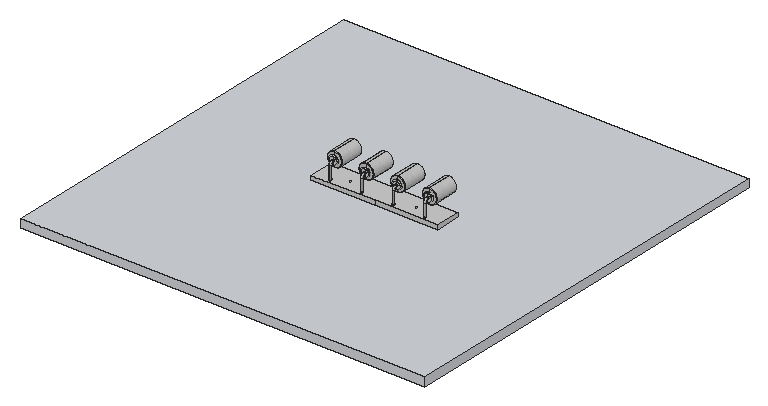
Revit family "P300330-009", category Lighting Fixtures, host Face, Revit 2017
Family settings
  Host = Face
  Round Connector Dimension = Use Diameter
  Part Type = Normal
  OmniClass Number = 23.80.70.11.14.17
  OmniClass Title = Direct/Indirect
  Cut with Voids When Loaded = No
  Light Source = No
  Shared = Yes
  Room Calculation Point = No
Parameters (values of type "P300328-009")
  Watts = 100 W
  Wattage Comments = "100W"
  Warranty = "1 year Warranty"  # constant formula
  Voltage = 120 V
  URL = "https://www.hubbell.com/progresslighting/en"
  Product Link = "https://www.hubbell.com/progresslighting/en/Products/Lighting-Controls/Residential-Indoor-Lighting/Bath-Vanity/Merry-Collection-Four-Light-Brushed-Nickel-and-Etched-Glass-Transitional-Style-Bath-Vanity-Wall-Light/p/6419002"
  Product Documentation Link = "https://hubbellcdn.com/specsheet/PROG_P300330-009_spec.pdf"
  Power Factor = 1
  Model = "P300330-009"  # constant formula
  Manufacturer = "Progress Lighting"  # constant formula
  Load Classification = Lighting
  Glass = Paint - Hubbell - White Texture
  Lamp = "LED/CFL/incandescent"  # constant formula
  Housing Material = Paint - Hubbell - Metallic Silver Textured
  Features = "Incorporate a clean, contemporary design with the Merry Collection 4-Light Etched Glass Brushed Nickel Transitional Bath Vanity Light. Light sources glow from within crisp etched glass shades for a generous elegant glow sure to transform any bath into a modern retreat. The rectangular backplate, curved arms, and round light bases are coated in a beautiful brushed nickel finish that perfectly blends transitional and modern character.\r\nApplication: Ideal for any bathroom.\r\nStyle: Perfect for modern and transitional style settings.\r\nFinish: The rectangular backplate, curved arms, and round light bases are coated in a beautiful brushed nickel finish that perfectly blends transitional and modern character.\r\nMaterials: Constructed from steel to ensure a long product lifespan.\r\nGlass: Light sources glow from within crisp etched glass shades for a generous elegant glow sure to transform any bath into a modern retreat.\r\nBulbs: For ideal illumination, use 4 medium base bulbs that are sold separately (100w max - LED/CFL/incandescent). Compatible with dimmable bulbs.\r\nDimensions: Measures 30-inch length by 8.25-inch height by 5.75-inch depth (installed).\r\nCertifications: cULus damp location listed.\r\nPairs With: Pairs with Progress Lighting fixtures from the Tobin, Etched Glass Flush, and Dome Glass collections.\r\nWarranty: Our 1-Year Limited Warranty guarantees your complete satisfaction with your purchase and includes professional after-sales customer service support. Make your purchase today to breathe new life into your lighting design!"  # constant formula
  Description = "Merry Collection Four-Light Brushed Nickel and Etched Glass Transitional Style Bath Vanity Wall Light"  # constant formula
  Default Elevation = 48.00"
  Copyright = " ©2021 Progress Lighting, a division of Hubbell Lighting, Inc"  # constant formula
  Contact = "https://www.hubbell.com/progresslighting/en/contactUs"
  Connector Description = "Lighting Connector"  # constant formula
  Assembly Code = "D5020200"
  Apparent Load = Watts / Power Factor  # 100 VA
Reference planes (in)
  plane 1 "Center (Front/Back)": y = 0
  plane 2: z = 0
  plane 3 "Center (Left/Right)": x = 0
  plane 4: z = 10.50759
  plane 5: z = 6.0561
  plane 6: x = -15
  plane 7: x = 15
Forms (in)
  Extrusion 1, solid
    sketch origin (0, 0, 0) x (1, 0, 0) y (0, 1, 0)
      loop
        line (-48, 48) -> (-48, -48) -> (48, -48) -> (48, 48) -> (-48, 48)
    from 0 to -2
  Extrusion 2, solid, material "Paint - Hubbell - Metallic Silver Textured" <- "Housing Material"
    sketch origin (0, -0.09375, 0) x (0, -1, 0) y (1, 0, 0)
      loop
        circle (0.07813, -7.91937) r 0.1
      loop
        circle (0.07812, 7.66937) r 0.1
    from 0.9423 to 1.04386
  Extrusion 3, solid, material "Paint - Hubbell - Metallic Silver Textured" <- "Housing Material"
    sketch origin (0, 0, 0) x (1, 0, 0) y (0, 1, 0)
      loop
        line (0, 3.04197) -> (-15, 3.04197) -> (-15, -2.95803) -> (0, -2.95803) -> (15, -2.95803) -> (15, 3.04197) -> (0, 3.04197)
    from 0 to 0.9423
  Revolve 4, solid, material "Paint - Hubbell - Metallic Silver Textured" <- "Housing Material"
    sketch origin (-3.75, -1.25, -1.125) x (0, -1, 0) y (0, 0, -1)
      loop
        line (-0.39703, -5.74607) -> (-0.66504, -5.74607) -> (-0.66504, -6.82752) -> (-0.26213, -6.82752)
        arc (-0.26213, -6.82752) -> (-0.19142, -6.79823) -> (-0.16213, -6.72752) r 0.1
        line (-0.16213, -6.72752) -> (-0.16213, -5.99092) -> (-0.05542, -5.99092) -> (-0.05542, -5.74607) -> (-0.16213, -5.74607) -> (-0.39703, -5.74607)
      axis (-0.05542, -5.74607) -> (-0.66504, -5.74607)
    angle from 0 to 360
  Revolve 5, solid, material "Paint - Hubbell - White Texture" <- "Glass"
    sketch origin (-3.78125, -5.21875, -2.0625) x (0, -1, 0) y (0, 0, -1)
      loop
        line (-4.59719, -6.69919) -> (-7.99875, -6.69919) -> (-7.99875, -7.33909)
        arc (-7.99875, -7.33909) -> (-7.93579, -7.50497) -> (-7.77863, -7.5873) r 0.25
        line (-7.77863, -7.5873) -> (-5.68396, -7.36454)
        arc (-5.68396, -7.36454) -> (-5.44868, -7.30814) -> (-5.20749, -7.28919) r 1.54416
        line (-5.20749, -7.28919) -> (-4.59719, -7.28919) -> (-4.59719, -6.69919)
      axis (-4.59719, -6.69919) -> (-7.99875, -6.69919)
    angle from 0 to 360
  Revolve 6, solid, material "Paint - Hubbell - White Texture" <- "Glass"
    sketch origin (-3.72515, -8.05913, 4.60947) x (0, 0, 1) y (0, 1, 0)
      loop
        line (0, 7.43773) -> (0, 10.56087) -> (0, 10.66244) -> (-0.11058, 10.66244)
        arc (-0.11058, 10.66244) -> (-0.13207, 10.62395) -> (-0.10174, 10.59197) r 0.0372
        arc (-0.10174, 10.59197) -> (-0.07712, 10.57767) -> (-0.0674, 10.55091) r 0.04171
        line (-0.0674, 10.55091) -> (-0.0674, 10.36451) -> (-0.0674, 8.11451) -> (-0.3174, 8.11451) -> (-0.3174, 7.86451) -> (-0.14062, 7.68773) -> (-0.14062, 7.43773) -> (0, 7.43773)
      axis (0, 7.43773) -> (0, 10.66244)
    angle from 0 to 360
  Revolve 7, solid, material "Paint- Wood"
    sketch origin (-3.72515, -8.05913, 4.60947) x (0, 0, 1) y (0, 1, 0)
      loop
        line (-0.47346, 8.28115) -> (-0.61841, 10.35395) -> (-0.66329, 10.35395) -> (-0.51834, 8.28115) -> (-0.47346, 8.28115)
      axis (-0.61862, 10.35707) -> (-0.47346, 8.28115)
    angle from 0 to 360
  Revolve 8, solid, material "Paint- Wood"
    sketch origin (-3.72515, -8.05913, 4.60947) x (0, 0, -1) y (0, -1, 0)
      loop
        line (-0.47346, -8.28115) -> (-0.51834, -8.28115) -> (-0.66723, -10.41041) -> (-0.62235, -10.41041) -> (-0.47346, -8.28115)
      axis (-0.62257, -10.41353) -> (-0.47346, -8.28115)
    angle from 0 to 360
  Revolve 9, solid, material "Paint- Wood"
    sketch origin (-3.72515, -8.05913, 4.60947) x (1, 0, 0) y (0, 1, 0)
      loop
        line (-0.47346, 8.28115) -> (-0.62034, 10.38161) -> (-0.66522, 10.38161) -> (-0.51834, 8.28115) -> (-0.47346, 8.28115)
      axis (-0.62056, 10.38473) -> (-0.47346, 8.28115)
    angle from 0 to 360
  Revolve 10, solid, material "Paint- Wood"
    sketch origin (-3.72515, -8.05913, 4.60947) x (-1, 0, 0) y (0, -1, 0)
      loop
        line (-0.47346, -8.28115) -> (-0.51834, -8.28115) -> (-0.66605, -10.39346) -> (-0.62117, -10.39346) -> (-0.47346, -8.28115)
      axis (-0.62139, -10.39659) -> (-0.47346, -8.28115)
    angle from 0 to 360
  Sweep 11, solid, material "Paint - Hubbell - White Texture" <- "Glass"
    path origin (-3.70952, -8.55913, 4.60853) x (1, 0, 0) y (0, 1, 0)
      loop
        line (0.61067, 10.88516) -> (0.61067, 10.98257)
        arc (0.61067, 10.98257) -> (0.57513, 11.06837) -> (0.48933, 11.10391) r 0.12134
        line (0.48933, 11.10391) -> (0.04812, 11.10391)
    profile origin (-3.09885, 2.37474, 4.60853) x (-1, 0, 0) y (0, 0, 1)
      loop
        circle (0, 0.00095) r 0.031
  Sweep 12, solid, material "Paint - Hubbell - White Texture" <- "Glass"
    path origin (-3.74267, -8.55913, 4.60853) x (-1, 0, 0) y (0, -1, 0)
      loop
        line (0.61067, -10.88516) -> (0.61067, -10.98257)
        arc (0.61067, -10.98257) -> (0.57513, -11.06837) -> (0.48933, -11.10391) r 0.12134
        line (0.48933, -11.10391) -> (0.04812, -11.10391)
    profile origin (-4.35334, 2.37474, 4.60853) x (-1, 0, 0) y (0, 0, 1)
      loop
        circle (0, 0.00095) r 0.031
  Sweep 13, solid, material "Paint - Hubbell - White Texture" <- "Glass"
    path origin (-3.70952, 11.17512, 4.60853) x (1, 0, 0) y (0, 1, 0)
      loop
        line (0.45442, -10.88516) -> (0.45442, -10.98257)
        arc (0.45442, -10.98257) -> (0.41888, -11.06837) -> (0.33308, -11.10391) r 0.12134
        line (0.33308, -11.10391) -> (0.04812, -11.10391)
    profile origin (-3.2551, 0.24126, 4.60853) x (1, 0, 0) y (0, 0, 1)
      loop
        circle (0, 0.00095) r 0.031
  Sweep 14, solid, material "Paint - Hubbell - White Texture" <- "Glass"
    path origin (-3.74267, 11.17512, 4.60853) x (-1, 0, 0) y (0, -1, 0)
      loop
        line (0.45442, 10.88516) -> (0.45442, 10.98257)
        arc (0.45442, 10.98257) -> (0.41888, 11.06837) -> (0.33308, 11.10391) r 0.12134
        line (0.33308, 11.10391) -> (0.04812, 11.10391)
    profile origin (-4.19709, 0.24126, 4.60853) x (1, 0, 0) y (0, 0, 1)
      loop
        circle (0, 0.00095) r 0.031
  Sweep 15, solid, material "Paint - Hubbell - White Texture" <- "Glass"
    path origin (-3.72515, -8.55913, 4.62605) x (0, 0, 1) y (0, 1, 0)
      loop
        line (0.61067, 10.88516) -> (0.61067, 10.98257)
        arc (0.61067, 10.98257) -> (0.57513, 11.06837) -> (0.48933, 11.10391) r 0.12134
        line (0.48933, 11.10391) -> (0.04812, 11.10391)
    profile origin (-3.72515, 2.37474, 5.23672) x (0, 0, -1) y (-1, 0, 0)
      loop
        circle (0, 0.00095) r 0.031
  Sweep 16, solid, material "Paint - Hubbell - White Texture" <- "Glass"
    path origin (-3.72515, -8.55913, 4.5929) x (0, 0, -1) y (0, -1, 0)
      loop
        line (0.61067, -10.88516) -> (0.61067, -10.98257)
        arc (0.61067, -10.98257) -> (0.57513, -11.06837) -> (0.48933, -11.10391) r 0.12134
        line (0.48933, -11.10391) -> (0.04812, -11.10391)
    profile origin (-3.72515, 2.37474, 3.98223) x (0, 0, -1) y (-1, 0, 0)
      loop
        circle (0, 0.00095) r 0.031
  Sweep 17, solid, material "Paint - Hubbell - White Texture" <- "Glass"
    path origin (-3.72515, 11.17512, 4.62605) x (0, 0, 1) y (0, 1, 0)
      loop
        line (0.45442, -10.88516) -> (0.45442, -10.98257)
        arc (0.45442, -10.98257) -> (0.41888, -11.06837) -> (0.33308, -11.10391) r 0.12134
        line (0.33308, -11.10391) -> (0.04812, -11.10391)
    profile origin (-3.72515, 0.24126, 5.08047) x (0, 0, 1) y (-1, 0, 0)
      loop
        circle (0, 0.00095) r 0.031
  Sweep 18, solid, material "Paint - Hubbell - White Texture" <- "Glass"
    path origin (-3.72515, 11.17512, 4.5929) x (0, 0, -1) y (0, -1, 0)
      loop
        line (0.45442, 10.88516) -> (0.45442, 10.98257)
        arc (0.45442, 10.98257) -> (0.41888, 11.06837) -> (0.33308, 11.10391) r 0.12134
        line (0.33308, 11.10391) -> (0.04812, 11.10391)
    profile origin (-3.72515, 0.24126, 4.13848) x (0, 0, 1) y (-1, 0, 0)
      loop
        circle (0, 0.00095) r 0.031
  Revolve 19, solid, material "Paint - Hubbell - White Texture" <- "Glass"
    sketch origin (-3.75, -1.5, -2) x (0, -1, 0) y (0, 0, -1)
      loop
        line (-0.87287, -7.54713) -> (-0.91291, -7.54713) -> (-0.91291, -8.25098)
        arc (-0.91291, -8.25098) -> (-0.94565, -8.33003) -> (-1.02469, -8.36277) r 0.11178
        line (-1.02469, -8.36277) -> (-6.77469, -8.36277) -> (-6.77469, -8.3973) -> (-0.99008, -8.3973)
        arc (-0.99008, -8.3973) -> (-0.9072, -8.36297) -> (-0.87287, -8.28009) r 0.11721
        line (-0.87287, -8.28009) -> (-0.87287, -7.54713)
      axis (-6.77469, -6.60947) -> (-0.87287, -6.60947)
    angle from 0 to 360
  Sweep 20, solid, material "Paint - Hubbell - Metallic Silver Textured" <- "Housing Material"
    path origin (-3.75, -0.8125, 6.11048) x (0, -1, 0) y (0, 0, -1)
      loop
        line (-0.1919, 1.48887) -> (0.7456, 1.48887)
        arc (0.7456, 1.48887) -> (1.09915, 1.63532) -> (1.2456, 1.98887) r 0.5
        line (1.2456, 1.98887) -> (1.2456, 5.16818)
    profile origin (-3.75, -1.08935, 4.62161) x (0, 0, -1) y (1, 0, 0)
      loop
        circle (0, 0) r 0.15
  Revolve 21, solid, material "Paint - Hubbell - Metallic Silver Textured" <- "Housing Material"
    sketch origin (-3.75, -7.77646, 1.96567) x (0, 0, 1) y (0, -1, 0)
      loop
        line (-1.0215, -5.99092) -> (-0.9148, -5.99092) -> (-0.9148, -5.74607) -> (-1.0215, -5.74607) -> (-1.0215, -5.99092)
      axis (-0.9148, -5.74607) -> (-1.0215, -5.74607)
    angle from 0 to 360
  Revolve 22, solid, material "Paint - Hubbell - Metallic Silver Textured" <- "Housing Material"
    sketch origin (3.75, -1.25, -1.125) x (0, -1, 0) y (0, 0, 1)
      loop
        line (-0.39703, 5.74607) -> (-0.16213, 5.74607) -> (-0.05542, 5.74607) -> (-0.05542, 5.99092) -> (-0.16213, 5.99092) -> (-0.16213, 6.72752)
        arc (-0.16213, 6.72752) -> (-0.19142, 6.79823) -> (-0.26213, 6.82752) r 0.1
        line (-0.26213, 6.82752) -> (-0.66504, 6.82752) -> (-0.66504, 5.74607) -> (-0.39703, 5.74607)
      axis (-0.05542, 5.74607) -> (-0.66504, 5.74607)
    angle from 0 to 360
  Revolve 23, solid, material "Paint - Hubbell - White Texture" <- "Glass"
    sketch origin (3.78125, -5.21875, -2.0625) x (0, -1, 0) y (0, 0, 1)
      loop
        line (-4.59719, 6.69919) -> (-4.59719, 7.28919) -> (-5.20749, 7.28919)
        arc (-5.20749, 7.28919) -> (-5.44868, 7.30814) -> (-5.68396, 7.36454) r 1.54416
        line (-5.68396, 7.36454) -> (-7.77863, 7.5873)
        arc (-7.77863, 7.5873) -> (-7.93579, 7.50497) -> (-7.99875, 7.33909) r 0.25
        line (-7.99875, 7.33909) -> (-7.99875, 6.69919) -> (-4.59719, 6.69919)
      axis (-4.59719, 6.69919) -> (-7.99875, 6.69919)
    angle from 0 to 360
  Revolve 24, solid, material "Paint - Hubbell - White Texture" <- "Glass"
    sketch origin (3.72515, -8.05913, 4.60947) x (0, 0, 1) y (0, -1, 0)
      loop
        line (0, -7.43773) -> (-0.14062, -7.43773) -> (-0.14062, -7.68773) -> (-0.3174, -7.86451) -> (-0.3174, -8.11451) -> (-0.0674, -8.11451) -> (-0.0674, -10.36451) -> (-0.0674, -10.55091)
        arc (-0.0674, -10.55091) -> (-0.07712, -10.57767) -> (-0.10174, -10.59197) r 0.04171
        arc (-0.10174, -10.59197) -> (-0.13207, -10.62395) -> (-0.11058, -10.66244) r 0.0372
        line (-0.11058, -10.66244) -> (0, -10.66244) -> (0, -10.56087) -> (0, -7.43773)
      axis (0, -7.43773) -> (0, -10.66244)
    angle from 0 to 360
  Revolve 25, solid, material "Paint- Wood"
    sketch origin (3.72515, -8.05913, 4.60947) x (0, 0, 1) y (0, -1, 0)
      loop
        line (-0.47346, -8.28115) -> (-0.51834, -8.28115) -> (-0.66329, -10.35395) -> (-0.61841, -10.35395) -> (-0.47346, -8.28115)
      axis (-0.61862, -10.35707) -> (-0.47346, -8.28115)
    angle from 0 to 360
  Revolve 26, solid, material "Paint- Wood"
    sketch origin (3.72515, -8.05913, 4.60947) x (0, 0, -1) y (0, 1, 0)
      loop
        line (-0.47346, 8.28115) -> (-0.62235, 10.41041) -> (-0.66723, 10.41041) -> (-0.51834, 8.28115) -> (-0.47346, 8.28115)
      axis (-0.62257, 10.41353) -> (-0.47346, 8.28115)
    angle from 0 to 360
  Revolve 27, solid, material "Paint- Wood"
    sketch origin (3.72515, -8.05913, 4.60947) x (-1, 0, 0) y (0, -1, 0)
      loop
        line (-0.47346, -8.28115) -> (-0.51834, -8.28115) -> (-0.66522, -10.38161) -> (-0.62034, -10.38161) -> (-0.47346, -8.28115)
      axis (-0.62056, -10.38473) -> (-0.47346, -8.28115)
    angle from 0 to 360
  Revolve 28, solid, material "Paint- Wood"
    sketch origin (3.72515, -8.05913, 4.60947) x (1, 0, 0) y (0, 1, 0)
      loop
        line (-0.47346, 8.28115) -> (-0.62117, 10.39346) -> (-0.66605, 10.39346) -> (-0.51834, 8.28115) -> (-0.47346, 8.28115)
      axis (-0.62139, 10.39659) -> (-0.47346, 8.28115)
    angle from 0 to 360
  Sweep 29, solid, material "Paint - Hubbell - White Texture" <- "Glass"
    path origin (3.70952, -8.55913, 4.60853) x (-1, 0, 0) y (0, -1, 0)
      loop
        line (0.61067, -10.88516) -> (0.61067, -10.98257)
        arc (0.61067, -10.98257) -> (0.57513, -11.06837) -> (0.48933, -11.10391) r 0.12134
        line (0.48933, -11.10391) -> (0.04812, -11.10391)
    profile origin (3.09885, 2.37474, 4.60853) x (-1, 0, 0) y (0, 0, 1)
      loop
        circle (0, 0.00095) r 0.031
  Sweep 30, solid, material "Paint - Hubbell - White Texture" <- "Glass"
    path origin (3.74267, -8.55913, 4.60853) x (1, 0, 0) y (0, 1, 0)
      loop
        line (0.61067, 10.88516) -> (0.61067, 10.98257)
        arc (0.61067, 10.98257) -> (0.57513, 11.06837) -> (0.48933, 11.10391) r 0.12134
        line (0.48933, 11.10391) -> (0.04812, 11.10391)
    profile origin (4.35334, 2.37474, 4.60853) x (-1, 0, 0) y (0, 0, 1)
      loop
        circle (0, 0.00095) r 0.031
  Sweep 31, solid, material "Paint - Hubbell - White Texture" <- "Glass"
    path origin (3.70952, 11.17512, 4.60853) x (-1, 0, 0) y (0, -1, 0)
      loop
        line (0.45442, 10.88516) -> (0.45442, 10.98257)
        arc (0.45442, 10.98257) -> (0.41888, 11.06837) -> (0.33308, 11.10391) r 0.12134
        line (0.33308, 11.10391) -> (0.04812, 11.10391)
    profile origin (3.2551, 0.24126, 4.60853) x (1, 0, 0) y (0, 0, 1)
      loop
        circle (0, 0.00095) r 0.031
  Sweep 32, solid, material "Paint - Hubbell - White Texture" <- "Glass"
    path origin (3.74267, 11.17512, 4.60853) x (1, 0, 0) y (0, 1, 0)
      loop
        line (0.45442, -10.88516) -> (0.45442, -10.98257)
        arc (0.45442, -10.98257) -> (0.41888, -11.06837) -> (0.33308, -11.10391) r 0.12134
        line (0.33308, -11.10391) -> (0.04812, -11.10391)
    profile origin (4.19709, 0.24126, 4.60853) x (1, 0, 0) y (0, 0, 1)
      loop
        circle (0, 0.00095) r 0.031
  Sweep 33, solid, material "Paint - Hubbell - White Texture" <- "Glass"
    path origin (3.72515, -8.55913, 4.62605) x (0, 0, 1) y (0, -1, 0)
      loop
        line (0.61067, -10.88516) -> (0.61067, -10.98257)
        arc (0.61067, -10.98257) -> (0.57513, -11.06837) -> (0.48933, -11.10391) r 0.12134
        line (0.48933, -11.10391) -> (0.04812, -11.10391)
    profile origin (3.72515, 2.37474, 5.23672) x (0, 0, 1) y (1, 0, 0)
      loop
        circle (0, 0.00095) r 0.031
  Sweep 34, solid, material "Paint - Hubbell - White Texture" <- "Glass"
    path origin (3.72515, -8.55913, 4.5929) x (0, 0, -1) y (0, 1, 0)
      loop
        line (0.61067, 10.88516) -> (0.61067, 10.98257)
        arc (0.61067, 10.98257) -> (0.57513, 11.06837) -> (0.48933, 11.10391) r 0.12134
        line (0.48933, 11.10391) -> (0.04812, 11.10391)
    profile origin (3.72515, 2.37474, 3.98223) x (0, 0, 1) y (1, 0, 0)
      loop
        circle (0, 0.00095) r 0.031
  Sweep 35, solid, material "Paint - Hubbell - White Texture" <- "Glass"
    path origin (3.72515, 11.17512, 4.62605) x (0, 0, 1) y (0, -1, 0)
      loop
        line (0.45442, 10.88516) -> (0.45442, 10.98257)
        arc (0.45442, 10.98257) -> (0.41888, 11.06837) -> (0.33308, 11.10391) r 0.12134
        line (0.33308, 11.10391) -> (0.04812, 11.10391)
    profile origin (3.72515, 0.24126, 5.08047) x (0, 0, -1) y (1, 0, 0)
      loop
        circle (0, 0.00095) r 0.031
  Sweep 36, solid, material "Paint - Hubbell - White Texture" <- "Glass"
    path origin (3.72515, 11.17512, 4.5929) x (0, 0, -1) y (0, 1, 0)
      loop
        line (0.45442, -10.88516) -> (0.45442, -10.98257)
        arc (0.45442, -10.98257) -> (0.41888, -11.06837) -> (0.33308, -11.10391) r 0.12134
        line (0.33308, -11.10391) -> (0.04812, -11.10391)
    profile origin (3.72515, 0.24126, 4.13848) x (0, 0, -1) y (1, 0, 0)
      loop
        circle (0, 0.00095) r 0.031
  Revolve 37, solid, material "Paint - Hubbell - White Texture" <- "Glass"
    sketch origin (3.75, -1.5, -2) x (0, -1, 0) y (0, 0, 1)
      loop
        line (-0.87287, 7.54713) -> (-0.87287, 8.28009)
        arc (-0.87287, 8.28009) -> (-0.9072, 8.36297) -> (-0.99008, 8.3973) r 0.11721
        line (-0.99008, 8.3973) -> (-6.77469, 8.3973) -> (-6.77469, 8.36277) -> (-1.02469, 8.36277)
        arc (-1.02469, 8.36277) -> (-0.94565, 8.33003) -> (-0.91291, 8.25098) r 0.11178
        line (-0.91291, 8.25098) -> (-0.91291, 7.54713) -> (-0.87287, 7.54713)
      axis (-6.77469, 6.60947) -> (-0.87287, 6.60947)
    angle from 0 to 360
  Sweep 38, solid, material "Paint - Hubbell - Metallic Silver Textured" <- "Housing Material"
    path origin (3.75, -0.8125, 6.11048) x (0, -1, 0) y (0, 0, 1)
      loop
        line (-0.1919, -1.48887) -> (0.7456, -1.48887)
        arc (0.7456, -1.48887) -> (1.09915, -1.63532) -> (1.2456, -1.98887) r 0.5
        line (1.2456, -1.98887) -> (1.2456, -5.16818)
    profile origin (3.75, -1.08935, 4.62161) x (0, 0, 1) y (-1, 0, 0)
      loop
        circle (0, 0) r 0.15
  Revolve 39, solid, material "Paint - Hubbell - Metallic Silver Textured" <- "Housing Material"
    sketch origin (3.75, -7.77646, 1.96567) x (0, 0, 1) y (0, 1, 0)
      loop
        line (-1.0215, 5.99092) -> (-1.0215, 5.74607) -> (-0.9148, 5.74607) -> (-0.9148, 5.99092) -> (-1.0215, 5.99092)
      axis (-0.9148, 5.74607) -> (-1.0215, 5.74607)
    angle from 0 to 360
  Revolve 40, solid, material "Paint - Hubbell - Metallic Silver Textured" <- "Housing Material"
    sketch origin (11.25, -1.25, -1.125) x (0, -1, 0) y (0, 0, 1)
      loop
        line (-0.39703, 5.74607) -> (-0.16213, 5.74607) -> (-0.05542, 5.74607) -> (-0.05542, 5.99092) -> (-0.16213, 5.99092) -> (-0.16213, 6.72752)
        arc (-0.16213, 6.72752) -> (-0.19142, 6.79823) -> (-0.26213, 6.82752) r 0.1
        line (-0.26213, 6.82752) -> (-0.66504, 6.82752) -> (-0.66504, 5.74607) -> (-0.39703, 5.74607)
      axis (-0.05542, 5.74607) -> (-0.66504, 5.74607)
    angle from 0 to 360
  Revolve 41, solid, material "Paint - Hubbell - White Texture" <- "Glass"
    sketch origin (11.28125, -5.21875, -2.0625) x (0, -1, 0) y (0, 0, 1)
      loop
        line (-4.59719, 6.69919) -> (-4.59719, 7.28919) -> (-5.20749, 7.28919)
        arc (-5.20749, 7.28919) -> (-5.44868, 7.30814) -> (-5.68396, 7.36454) r 1.54416
        line (-5.68396, 7.36454) -> (-7.77863, 7.5873)
        arc (-7.77863, 7.5873) -> (-7.93579, 7.50497) -> (-7.99875, 7.33909) r 0.25
        line (-7.99875, 7.33909) -> (-7.99875, 6.69919) -> (-4.59719, 6.69919)
      axis (-4.59719, 6.69919) -> (-7.99875, 6.69919)
    angle from 0 to 360
  Revolve 42, solid, material "Paint - Hubbell - White Texture" <- "Glass"
    sketch origin (11.22515, -8.05913, 4.60947) x (0, 0, 1) y (0, -1, 0)
      loop
        line (0, -7.43773) -> (-0.14062, -7.43773) -> (-0.14062, -7.68773) -> (-0.3174, -7.86451) -> (-0.3174, -8.11451) -> (-0.0674, -8.11451) -> (-0.0674, -10.36451) -> (-0.0674, -10.55091)
        arc (-0.0674, -10.55091) -> (-0.07712, -10.57767) -> (-0.10174, -10.59197) r 0.04171
        arc (-0.10174, -10.59197) -> (-0.13207, -10.62395) -> (-0.11058, -10.66244) r 0.0372
        line (-0.11058, -10.66244) -> (0, -10.66244) -> (0, -10.56087) -> (0, -7.43773)
      axis (0, -7.43773) -> (0, -10.66244)
    angle from 0 to 360
  Revolve 43, solid, material "Paint- Wood"
    sketch origin (11.22515, -8.05913, 4.60947) x (0, 0, 1) y (0, -1, 0)
      loop
        line (-0.47346, -8.28115) -> (-0.51834, -8.28115) -> (-0.66329, -10.35395) -> (-0.61841, -10.35395) -> (-0.47346, -8.28115)
      axis (-0.61862, -10.35707) -> (-0.47346, -8.28115)
    angle from 0 to 360
  Revolve 44, solid, material "Paint- Wood"
    sketch origin (11.22515, -8.05913, 4.60947) x (0, 0, -1) y (0, 1, 0)
      loop
        line (-0.47346, 8.28115) -> (-0.62235, 10.41041) -> (-0.66723, 10.41041) -> (-0.51834, 8.28115) -> (-0.47346, 8.28115)
      axis (-0.62257, 10.41353) -> (-0.47346, 8.28115)
    angle from 0 to 360
  Revolve 45, solid, material "Paint- Wood"
    sketch origin (11.22515, -8.05913, 4.60947) x (-1, 0, 0) y (0, -1, 0)
      loop
        line (-0.47346, -8.28115) -> (-0.51834, -8.28115) -> (-0.66522, -10.38161) -> (-0.62034, -10.38161) -> (-0.47346, -8.28115)
      axis (-0.62056, -10.38473) -> (-0.47346, -8.28115)
    angle from 0 to 360
  Revolve 46, solid, material "Paint- Wood"
    sketch origin (11.22515, -8.05913, 4.60947) x (1, 0, 0) y (0, 1, 0)
      loop
        line (-0.47346, 8.28115) -> (-0.62117, 10.39346) -> (-0.66605, 10.39346) -> (-0.51834, 8.28115) -> (-0.47346, 8.28115)
      axis (-0.62139, 10.39659) -> (-0.47346, 8.28115)
    angle from 0 to 360
  Sweep 47, solid, material "Paint - Hubbell - White Texture" <- "Glass"
    path origin (11.20952, -8.55913, 4.60853) x (-1, 0, 0) y (0, -1, 0)
      loop
        line (0.61067, -10.88516) -> (0.61067, -10.98257)
        arc (0.61067, -10.98257) -> (0.57513, -11.06837) -> (0.48933, -11.10391) r 0.12134
        line (0.48933, -11.10391) -> (0.04812, -11.10391)
    profile origin (10.59885, 2.37474, 4.60853) x (-1, 0, 0) y (0, 0, 1)
      loop
        circle (0, 0.00095) r 0.031
  Sweep 48, solid, material "Paint - Hubbell - White Texture" <- "Glass"
    path origin (11.24267, -8.55913, 4.60853) x (1, 0, 0) y (0, 1, 0)
      loop
        line (0.61067, 10.88516) -> (0.61067, 10.98257)
        arc (0.61067, 10.98257) -> (0.57513, 11.06837) -> (0.48933, 11.10391) r 0.12134
        line (0.48933, 11.10391) -> (0.04812, 11.10391)
    profile origin (11.85334, 2.37474, 4.60853) x (-1, 0, 0) y (0, 0, 1)
      loop
        circle (0, 0.00095) r 0.031
  Sweep 49, solid, material "Paint - Hubbell - White Texture" <- "Glass"
    path origin (11.20952, 11.17512, 4.60853) x (-1, 0, 0) y (0, -1, 0)
      loop
        line (0.45442, 10.88516) -> (0.45442, 10.98257)
        arc (0.45442, 10.98257) -> (0.41888, 11.06837) -> (0.33308, 11.10391) r 0.12134
        line (0.33308, 11.10391) -> (0.04812, 11.10391)
    profile origin (10.7551, 0.24126, 4.60853) x (1, 0, 0) y (0, 0, 1)
      loop
        circle (0, 0.00095) r 0.031
  Sweep 50, solid, material "Paint - Hubbell - White Texture" <- "Glass"
    path origin (11.24267, 11.17512, 4.60853) x (1, 0, 0) y (0, 1, 0)
      loop
        line (0.45442, -10.88516) -> (0.45442, -10.98257)
        arc (0.45442, -10.98257) -> (0.41888, -11.06837) -> (0.33308, -11.10391) r 0.12134
        line (0.33308, -11.10391) -> (0.04812, -11.10391)
    profile origin (11.69709, 0.24126, 4.60853) x (1, 0, 0) y (0, 0, 1)
      loop
        circle (0, 0.00095) r 0.031
  Sweep 51, solid, material "Paint - Hubbell - White Texture" <- "Glass"
    path origin (11.22515, -8.55913, 4.62605) x (0, 0, 1) y (0, -1, 0)
      loop
        line (0.61067, -10.88516) -> (0.61067, -10.98257)
        arc (0.61067, -10.98257) -> (0.57513, -11.06837) -> (0.48933, -11.10391) r 0.12134
        line (0.48933, -11.10391) -> (0.04812, -11.10391)
    profile origin (11.22515, 2.37474, 5.23672) x (0, 0, 1) y (1, 0, 0)
      loop
        circle (0, 0.00095) r 0.031
  Sweep 52, solid, material "Paint - Hubbell - White Texture" <- "Glass"
    path origin (11.22515, -8.55913, 4.5929) x (0, 0, -1) y (0, 1, 0)
      loop
        line (0.61067, 10.88516) -> (0.61067, 10.98257)
        arc (0.61067, 10.98257) -> (0.57513, 11.06837) -> (0.48933, 11.10391) r 0.12134
        line (0.48933, 11.10391) -> (0.04812, 11.10391)
    profile origin (11.22515, 2.37474, 3.98223) x (0, 0, 1) y (1, 0, 0)
      loop
        circle (0, 0.00095) r 0.031
  Sweep 53, solid, material "Paint - Hubbell - White Texture" <- "Glass"
    path origin (11.22515, 11.17512, 4.62605) x (0, 0, 1) y (0, -1, 0)
      loop
        line (0.45442, 10.88516) -> (0.45442, 10.98257)
        arc (0.45442, 10.98257) -> (0.41888, 11.06837) -> (0.33308, 11.10391) r 0.12134
        line (0.33308, 11.10391) -> (0.04812, 11.10391)
    profile origin (11.22515, 0.24126, 5.08047) x (0, 0, -1) y (1, 0, 0)
      loop
        circle (0, 0.00095) r 0.031
  Sweep 54, solid, material "Paint - Hubbell - White Texture" <- "Glass"
    path origin (11.22515, 11.17512, 4.5929) x (0, 0, -1) y (0, 1, 0)
      loop
        line (0.45442, -10.88516) -> (0.45442, -10.98257)
        arc (0.45442, -10.98257) -> (0.41888, -11.06837) -> (0.33308, -11.10391) r 0.12134
        line (0.33308, -11.10391) -> (0.04812, -11.10391)
    profile origin (11.22515, 0.24126, 4.13848) x (0, 0, -1) y (1, 0, 0)
      loop
        circle (0, 0.00095) r 0.031
  Revolve 55, solid, material "Paint - Hubbell - White Texture" <- "Glass"
    sketch origin (11.25, -1.5, -2) x (0, -1, 0) y (0, 0, 1)
      loop
        line (-0.87287, 7.54713) -> (-0.87287, 8.28009)
        arc (-0.87287, 8.28009) -> (-0.9072, 8.36297) -> (-0.99008, 8.3973) r 0.11721
        line (-0.99008, 8.3973) -> (-6.77469, 8.3973) -> (-6.77469, 8.36277) -> (-1.02469, 8.36277)
        arc (-1.02469, 8.36277) -> (-0.94565, 8.33003) -> (-0.91291, 8.25098) r 0.11178
        line (-0.91291, 8.25098) -> (-0.91291, 7.54713) -> (-0.87287, 7.54713)
      axis (-6.77469, 6.60947) -> (-0.87287, 6.60947)
    angle from 0 to 360
  Sweep 56, solid, material "Paint - Hubbell - Metallic Silver Textured" <- "Housing Material"
    path origin (11.25, -0.8125, 6.11048) x (0, -1, 0) y (0, 0, 1)
      loop
        line (-0.1919, -1.48887) -> (0.7456, -1.48887)
        arc (0.7456, -1.48887) -> (1.09915, -1.63532) -> (1.2456, -1.98887) r 0.5
        line (1.2456, -1.98887) -> (1.2456, -5.16818)
    profile origin (11.25, -1.08935, 4.62161) x (0, 0, 1) y (-1, 0, 0)
      loop
        circle (0, 0) r 0.15
  Revolve 57, solid, material "Paint - Hubbell - Metallic Silver Textured" <- "Housing Material"
    sketch origin (11.25, -7.77646, 1.96567) x (0, 0, 1) y (0, 1, 0)
      loop
        line (-1.0215, 5.99092) -> (-1.0215, 5.74607) -> (-0.9148, 5.74607) -> (-0.9148, 5.99092) -> (-1.0215, 5.99092)
      axis (-0.9148, 5.74607) -> (-1.0215, 5.74607)
    angle from 0 to 360
  Revolve 58, solid, material "Paint - Hubbell - Metallic Silver Textured" <- "Housing Material"
    sketch origin (-11.25, -1.25, -1.125) x (0, -1, 0) y (0, 0, -1)
      loop
        line (-0.39703, -5.74607) -> (-0.66504, -5.74607) -> (-0.66504, -6.82752) -> (-0.26213, -6.82752)
        arc (-0.26213, -6.82752) -> (-0.19142, -6.79823) -> (-0.16213, -6.72752) r 0.1
        line (-0.16213, -6.72752) -> (-0.16213, -5.99092) -> (-0.05542, -5.99092) -> (-0.05542, -5.74607) -> (-0.16213, -5.74607) -> (-0.39703, -5.74607)
      axis (-0.05542, -5.74607) -> (-0.66504, -5.74607)
    angle from 0 to 360
  Revolve 59, solid, material "Paint - Hubbell - White Texture" <- "Glass"
    sketch origin (-11.28125, -5.21875, -2.0625) x (0, -1, 0) y (0, 0, -1)
      loop
        line (-4.59719, -6.69919) -> (-7.99875, -6.69919) -> (-7.99875, -7.33909)
        arc (-7.99875, -7.33909) -> (-7.93579, -7.50497) -> (-7.77863, -7.5873) r 0.25
        line (-7.77863, -7.5873) -> (-5.68396, -7.36454)
        arc (-5.68396, -7.36454) -> (-5.44868, -7.30814) -> (-5.20749, -7.28919) r 1.54416
        line (-5.20749, -7.28919) -> (-4.59719, -7.28919) -> (-4.59719, -6.69919)
      axis (-4.59719, -6.69919) -> (-7.99875, -6.69919)
    angle from 0 to 360
  Revolve 60, solid, material "Paint - Hubbell - White Texture" <- "Glass"
    sketch origin (-11.22515, -8.05913, 4.60947) x (0, 0, 1) y (0, 1, 0)
      loop
        line (0, 7.43773) -> (0, 10.56087) -> (0, 10.66244) -> (-0.11058, 10.66244)
        arc (-0.11058, 10.66244) -> (-0.13207, 10.62395) -> (-0.10174, 10.59197) r 0.0372
        arc (-0.10174, 10.59197) -> (-0.07712, 10.57767) -> (-0.0674, 10.55091) r 0.04171
        line (-0.0674, 10.55091) -> (-0.0674, 10.36451) -> (-0.0674, 8.11451) -> (-0.3174, 8.11451) -> (-0.3174, 7.86451) -> (-0.14062, 7.68773) -> (-0.14062, 7.43773) -> (0, 7.43773)
      axis (0, 7.43773) -> (0, 10.66244)
    angle from 0 to 360
  Revolve 61, solid, material "Paint- Wood"
    sketch origin (-11.22515, -8.05913, 4.60947) x (0, 0, 1) y (0, 1, 0)
      loop
        line (-0.47346, 8.28115) -> (-0.61841, 10.35395) -> (-0.66329, 10.35395) -> (-0.51834, 8.28115) -> (-0.47346, 8.28115)
      axis (-0.61862, 10.35707) -> (-0.47346, 8.28115)
    angle from 0 to 360
  Revolve 62, solid, material "Paint- Wood"
    sketch origin (-11.22515, -8.05913, 4.60947) x (0, 0, -1) y (0, -1, 0)
      loop
        line (-0.47346, -8.28115) -> (-0.51834, -8.28115) -> (-0.66723, -10.41041) -> (-0.62235, -10.41041) -> (-0.47346, -8.28115)
      axis (-0.62257, -10.41353) -> (-0.47346, -8.28115)
    angle from 0 to 360
  Revolve 63, solid, material "Paint- Wood"
    sketch origin (-11.22515, -8.05913, 4.60947) x (1, 0, 0) y (0, 1, 0)
      loop
        line (-0.47346, 8.28115) -> (-0.62034, 10.38161) -> (-0.66522, 10.38161) -> (-0.51834, 8.28115) -> (-0.47346, 8.28115)
      axis (-0.62056, 10.38473) -> (-0.47346, 8.28115)
    angle from 0 to 360
  Revolve 64, solid, material "Paint- Wood"
    sketch origin (-11.22515, -8.05913, 4.60947) x (-1, 0, 0) y (0, -1, 0)
      loop
        line (-0.47346, -8.28115) -> (-0.51834, -8.28115) -> (-0.66605, -10.39346) -> (-0.62117, -10.39346) -> (-0.47346, -8.28115)
      axis (-0.62139, -10.39659) -> (-0.47346, -8.28115)
    angle from 0 to 360
  Sweep 65, solid, material "Paint - Hubbell - White Texture" <- "Glass"
    path origin (-11.20952, -8.55913, 4.60853) x (1, 0, 0) y (0, 1, 0)
      loop
        line (0.61067, 10.88516) -> (0.61067, 10.98257)
        arc (0.61067, 10.98257) -> (0.57513, 11.06837) -> (0.48933, 11.10391) r 0.12134
        line (0.48933, 11.10391) -> (0.04812, 11.10391)
    profile origin (-10.59885, 2.37474, 4.60853) x (-1, 0, 0) y (0, 0, 1)
      loop
        circle (0, 0.00095) r 0.031
  Sweep 66, solid, material "Paint - Hubbell - White Texture" <- "Glass"
    path origin (-11.24267, -8.55913, 4.60853) x (-1, 0, 0) y (0, -1, 0)
      loop
        line (0.61067, -10.88516) -> (0.61067, -10.98257)
        arc (0.61067, -10.98257) -> (0.57513, -11.06837) -> (0.48933, -11.10391) r 0.12134
        line (0.48933, -11.10391) -> (0.04812, -11.10391)
    profile origin (-11.85334, 2.37474, 4.60853) x (-1, 0, 0) y (0, 0, 1)
      loop
        circle (0, 0.00095) r 0.031
  Sweep 67, solid, material "Paint - Hubbell - White Texture" <- "Glass"
    path origin (-11.20952, 11.17512, 4.60853) x (1, 0, 0) y (0, 1, 0)
      loop
        line (0.45442, -10.88516) -> (0.45442, -10.98257)
        arc (0.45442, -10.98257) -> (0.41888, -11.06837) -> (0.33308, -11.10391) r 0.12134
        line (0.33308, -11.10391) -> (0.04812, -11.10391)
    profile origin (-10.7551, 0.24126, 4.60853) x (1, 0, 0) y (0, 0, 1)
      loop
        circle (0, 0.00095) r 0.031
  Sweep 68, solid, material "Paint - Hubbell - White Texture" <- "Glass"
    path origin (-11.24267, 11.17512, 4.60853) x (-1, 0, 0) y (0, -1, 0)
      loop
        line (0.45442, 10.88516) -> (0.45442, 10.98257)
        arc (0.45442, 10.98257) -> (0.41888, 11.06837) -> (0.33308, 11.10391) r 0.12134
        line (0.33308, 11.10391) -> (0.04812, 11.10391)
    profile origin (-11.69709, 0.24126, 4.60853) x (1, 0, 0) y (0, 0, 1)
      loop
        circle (0, 0.00095) r 0.031
  Sweep 69, solid, material "Paint - Hubbell - White Texture" <- "Glass"
    path origin (-11.22515, -8.55913, 4.62605) x (0, 0, 1) y (0, 1, 0)
      loop
        line (0.61067, 10.88516) -> (0.61067, 10.98257)
        arc (0.61067, 10.98257) -> (0.57513, 11.06837) -> (0.48933, 11.10391) r 0.12134
        line (0.48933, 11.10391) -> (0.04812, 11.10391)
    profile origin (-11.22515, 2.37474, 5.23672) x (0, 0, -1) y (-1, 0, 0)
      loop
        circle (0, 0.00095) r 0.031
  Sweep 70, solid, material "Paint - Hubbell - White Texture" <- "Glass"
    path origin (-11.22515, -8.55913, 4.5929) x (0, 0, -1) y (0, -1, 0)
      loop
        line (0.61067, -10.88516) -> (0.61067, -10.98257)
        arc (0.61067, -10.98257) -> (0.57513, -11.06837) -> (0.48933, -11.10391) r 0.12134
        line (0.48933, -11.10391) -> (0.04812, -11.10391)
    profile origin (-11.22515, 2.37474, 3.98223) x (0, 0, -1) y (-1, 0, 0)
      loop
        circle (0, 0.00095) r 0.031
  Sweep 71, solid, material "Paint - Hubbell - White Texture" <- "Glass"
    path origin (-11.22515, 11.17512, 4.62605) x (0, 0, 1) y (0, 1, 0)
      loop
        line (0.45442, -10.88516) -> (0.45442, -10.98257)
        arc (0.45442, -10.98257) -> (0.41888, -11.06837) -> (0.33308, -11.10391) r 0.12134
        line (0.33308, -11.10391) -> (0.04812, -11.10391)
    profile origin (-11.22515, 0.24126, 5.08047) x (0, 0, 1) y (-1, 0, 0)
      loop
        circle (0, 0.00095) r 0.031
  Sweep 72, solid, material "Paint - Hubbell - White Texture" <- "Glass"
    path origin (-11.22515, 11.17512, 4.5929) x (0, 0, -1) y (0, -1, 0)
      loop
        line (0.45442, 10.88516) -> (0.45442, 10.98257)
        arc (0.45442, 10.98257) -> (0.41888, 11.06837) -> (0.33308, 11.10391) r 0.12134
        line (0.33308, 11.10391) -> (0.04812, 11.10391)
    profile origin (-11.22515, 0.24126, 4.13848) x (0, 0, 1) y (-1, 0, 0)
      loop
        circle (0, 0.00095) r 0.031
  Revolve 73, solid, material "Paint - Hubbell - White Texture" <- "Glass"
    sketch origin (-11.25, -1.5, -2) x (0, -1, 0) y (0, 0, -1)
      loop
        line (-0.87287, -7.54713) -> (-0.91291, -7.54713) -> (-0.91291, -8.25098)
        arc (-0.91291, -8.25098) -> (-0.94565, -8.33003) -> (-1.02469, -8.36277) r 0.11178
        line (-1.02469, -8.36277) -> (-6.77469, -8.36277) -> (-6.77469, -8.3973) -> (-0.99008, -8.3973)
        arc (-0.99008, -8.3973) -> (-0.9072, -8.36297) -> (-0.87287, -8.28009) r 0.11721
        line (-0.87287, -8.28009) -> (-0.87287, -7.54713)
      axis (-6.77469, -6.60947) -> (-0.87287, -6.60947)
    angle from 0 to 360
  Sweep 74, solid, material "Paint - Hubbell - Metallic Silver Textured" <- "Housing Material"
    path origin (-11.25, -0.8125, 6.11048) x (0, -1, 0) y (0, 0, -1)
      loop
        line (-0.1919, 1.48887) -> (0.7456, 1.48887)
        arc (0.7456, 1.48887) -> (1.09915, 1.63532) -> (1.2456, 1.98887) r 0.5
        line (1.2456, 1.98887) -> (1.2456, 5.16818)
    profile origin (-11.25, -1.08935, 4.62161) x (0, 0, -1) y (1, 0, 0)
      loop
        circle (0, 0) r 0.15
  Revolve 75, solid, material "Paint - Hubbell - Metallic Silver Textured" <- "Housing Material"
    sketch origin (-11.25, -7.77646, 1.96567) x (0, 0, 1) y (0, -1, 0)
      loop
        line (-1.0215, -5.99092) -> (-0.9148, -5.99092) -> (-0.9148, -5.74607) -> (-1.0215, -5.74607) -> (-1.0215, -5.99092)
      axis (-0.9148, -5.74607) -> (-1.0215, -5.74607)
    angle from 0 to 360
Dimensions and locks (in)
  aligned and locked: plane 2 to Extrusion 1
Nested families (in)
  nested 1: "Light Source" at (-3.94849, 4.54197, 4.5), type "Light Source"
  nested 2: "Light Source" at (3.3105, 4.54197, 4.5), type "Light Source"
  nested 3: "Light Source" at (10.8105, 4.54197, 4.5), type "Light Source"
  nested 4: "Light Source" at (-10.8105, 4.54197, 4.5) x (-1, 0, 0) z (0, 0, 1), type "Light Source"
Connectors (in)
  electrical at (0, 0.04197, 0)
    settings: on Extrusion 3, index 1, voltage 0 V, apparent load 0 VA, apparent load phase1 0 VA, apparent load phase2 0 VA, apparent load phase3 0 VA, power factor 1, load classification "Other", number of poles 1, system type 30, power factor state 1, is connector primary yes, connector utility no, sub classification motor no, connector description ""
Definition of nested family "Light Source"
  Parameters (values of type "Light Source")
    Wattage = 60 W
    built-in parameter 1150110 = 1 (stored number, unit not read)
    built-in parameter 1114217 = 1 (stored number, unit not read)
    Tilt Angle = 60.00°
    built-in parameter 1150109 = 1 (stored number, unit not read)
    built-in parameter 1150134 = 3
    built-in parameter 1150113 = 1 (stored number, unit not read)
    Photometric Web File = "generic"
    built-in parameter 1150142 = (empty or 0)
    built-in parameter 1150105 = 477.46 (stored number, unit not read)
    Lumens = 6000 lm
    built-in parameter 1150115 = 1 (stored number, unit not read)
    built-in parameter 1150137 = (empty or 0)
    built-in parameter 1150139 = (empty or 0)
    built-in parameter 1150112 = 1 (stored number, unit not read)
    built-in parameter 1150114 = 1 (stored number, unit not read)
    built-in parameter 1150132 = (empty or 0)
    built-in parameter 1150102 = (empty or 0)
    built-in parameter 1150107 = 3200 (stored number, unit not read)
    built-in parameter 1150138 = (empty or 0)
    built-in parameter 1150106 = 4.7746 (stored number, unit not read)
    built-in parameter 1150104 = 9.2903 (stored number, unit not read)
    Dimming Lamp Color Temperature Shift = (empty or 0)
    Color Filter = 16777215
    built-in parameter 1114218 = 1 (stored number, unit not read)
    built-in parameter 1150133 = 10 (stored number, unit not read)
  Reference planes (in)
    plane 1 "Center (Front/Back)": y = 0
    plane 2: z = 0
    plane 3 "Center (Left/Right)": x = 0
  Dimensions and locks (in)
    aligned and locked: level to plane 2
